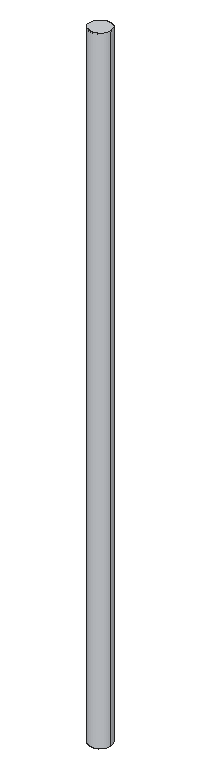
Revit family "欄杆 - 圓形", category 欄杆, Revit 2014
Parameters (values of type "30 mm")
  built-in parameter 1008623 [instance] = (empty or 0)
  關鍵註記 = "05720"
  built-in parameter 1008625 [instance] = (empty or 0)
  半徑 = 寬度 / 2  # 15 mm
  支柱材料 = none
  寬度 = 30 mm
  Post = yes
  built-in parameter 1008624 [instance] = (empty or 0)
  built-in parameter 1008622 [instance] = 915 mm
  Assembly Code = ""
Types (2, lengths in mm): name | 半徑 | 寬度
  30 mm | 15 | 30
  100 mm | 50 | 100
Reference planes
  plane 1 "中心 (前/後)": y = 0
  plane 2: z = 0
  plane 3 "中心 (左/右)": x = 0
  plane 4 "頂部": z = 915
Forms (mm)
  Extrusion 1, solid, material <- "支柱材料"
    sketch origin (0, 0, 0) x (1, 0, 0) y (0, 1, 0)
      loop
        circle (0, 0) r 15
    from 0 to 915
Dimensions and locks
  "built-in parameter 1008622": plane 2 to plane 4 "頂部"
  "半徑": radius of Extrusion 1 sketch curve
  aligned and locked: Extrusion 1 to level
  aligned and locked: Extrusion 1 to plane 4 "頂部"
Automatic sketch dimensions
  plane 1 "中心 (前/後)" to Extrusion 1 sketch curve = 0 mm
  Extrusion 1 sketch curve to plane 3 "中心 (左/右)" = 0 mm
